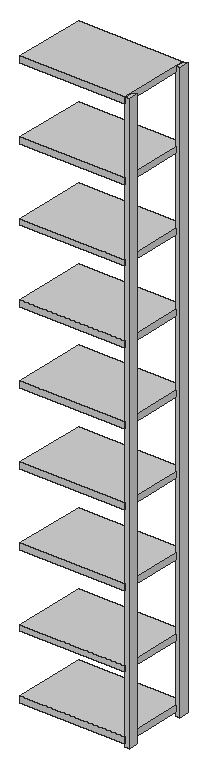
Revit family "SS2", category Specialty Equipment, Revit 2012
Parameters (values of type "Steel Storage Shelving Add-On (Default)")
  URL = "http://www.madixinc.com/store/storage/steel/index.html"
  Model = "Storage Shelving"
  Manufacturer = "© 2012 Madix, Inc. All rights reserved."
  Base Shelf [instance] = yes
  Shelf Depth = 2' - 0"
  Width = 3' - 0"
  Height = 16' - 0"
  2' Shelf [instance] = yes
  4' Shelf [instance] = yes
  6' Shelf [instance] = yes
  8' Shelf [instance] = yes
  10' Shelf [instance] = yes
  12' Shelf [instance] = yes
  14' Shelf [instance] = yes
  16' Shelf [instance] = yes
Reference planes (in)
  plane 1 "Center (Front/Back)": y = 0
  plane 2: z = 0
  plane 3 "Center (Left/Right)": x = 0
  plane 4: x = -17.25
  plane 5: x = 17.25
  plane 6: y = 12
  plane 7: y = -12
  plane 8: x = -20.25
  plane 9: x = 20.25
  plane 10: x = -18.75
  plane 11: x = 18.75
  plane 12: x = -18
  plane 13: x = 18
  plane 14: z = 192
Forms (in)
  Extrusion 1, solid, material "Metal - Steel"
    sketch origin (0, 0, 0) x (1, 0, 0) y (0, 1, 0)
      loop
        line (17.25, 8.875) -> (18.75, 8.875) -> (18.75, 11.875) -> (17.25, 11.875) -> (17.25, 8.875)
      loop
        line (17.25, -8.875) -> (17.25, -11.875) -> (18.75, -11.875) -> (18.75, -8.875) -> (17.25, -8.875)
    from 0 to 192
  Extrusion 2, solid, material "Metal - Steel", visible <- "12' Shelf"
    sketch origin (-18, -16.25, 177) x (0, -1, 0) y (0, 0, -1)
      loop
        line (-28.25, 9) -> (-4.25, 9) -> (-4.25, 11) -> (-28.25, 11) -> (-28.25, 9)
    from 0.75 to 35.25
  Extrusion 3, solid, material "Metal - Steel", visible <- "16' Shelf"
    sketch origin (-18, -16.25, 201) x (0, -1, 0) y (0, 0, -1)
      loop
        line (-28.25, 9) -> (-4.25, 9) -> (-4.25, 11) -> (-28.25, 11) -> (-28.25, 9)
    from 0.75 to 35.25
  Extrusion 4, solid, material "Metal - Steel", visible <- "10' Shelf"
    sketch origin (-18, -16.25, 153) x (0, -1, 0) y (0, 0, -1)
      loop
        line (-28.25, 9) -> (-4.25, 9) -> (-4.25, 11) -> (-28.25, 11) -> (-28.25, 9)
    from 0.75 to 35.25
  Extrusion 5, solid, material "Metal - Steel", visible <- "10' Shelf"
    sketch origin (-18, -16.25, 129) x (0, -1, 0) y (0, 0, -1)
      loop
        line (-28.25, 9) -> (-4.25, 9) -> (-4.25, 11) -> (-28.25, 11) -> (-28.25, 9)
    from 0.75 to 35.25
  Extrusion 6, solid, material "Metal - Steel", visible <- "8' Shelf"
    sketch origin (-18, -16.25, 105) x (0, -1, 0) y (0, 0, -1)
      loop
        line (-28.25, 9) -> (-4.25, 9) -> (-4.25, 11) -> (-28.25, 11) -> (-28.25, 9)
    from 0.75 to 35.25
  Extrusion 7, solid, material "Metal - Steel", visible <- "6' Shelf"
    sketch origin (-18, -16.25, 81) x (0, -1, 0) y (0, 0, -1)
      loop
        line (-28.25, 9) -> (-4.25, 9) -> (-4.25, 11) -> (-28.25, 11) -> (-28.25, 9)
    from 0.75 to 35.25
  Extrusion 8, solid, material "Metal - Steel", visible <- "4' Shelf"
    sketch origin (-18, -16.25, 57) x (0, -1, 0) y (0, 0, -1)
      loop
        line (-28.25, 9) -> (-4.25, 9) -> (-4.25, 11) -> (-28.25, 11) -> (-28.25, 9)
    from 0.75 to 35.25
  Extrusion 9, solid, material "Metal - Steel", visible <- "2' Shelf"
    sketch origin (-18, -16.25, 33) x (0, -1, 0) y (0, 0, -1)
      loop
        line (-28.25, 9) -> (-4.25, 9) -> (-4.25, 11) -> (-28.25, 11) -> (-28.25, 9)
    from 0.75 to 35.25
  Extrusion 10, solid, material "Metal - Steel", visible <- "Base Shelf"
    sketch origin (-18, -16.25, 12) x (0, -1, 0) y (0, 0, -1)
      loop
        line (-28.25, 9) -> (-4.25, 9) -> (-4.25, 11) -> (-28.25, 11) -> (-28.25, 9)
    from 0.75 to 35.25
Dimensions and locks (in)
  "Width": plane 12 to plane 13
  equal spacing: plane 7, plane 1 "Center (Front/Back)", plane 6
  "Shelf Depth": plane 7 to plane 6
  locked: plane 8 to plane 10 at 1.5
  locked: plane 11 to plane 9 at 1.5
  equal spacing: plane 10, plane 3 "Center (Left/Right)", plane 11
  locked: plane 5 to plane 11 at 1.5
  locked: plane 10 to plane 4 at 1.5
  locked: plane 10 to plane 12 at 0.75
  locked: plane 13 to plane 11 at 0.75
  "Height": plane 14 to level
  aligned and locked: level to plane 2
  aligned and locked: Extrusion 2 to plane 5
  aligned and locked: Extrusion 2 to plane 4
  aligned and locked: plane 5 to Extrusion 3
  aligned and locked: Extrusion 3 to plane 4
  aligned and locked: Extrusion 7 to plane 4
  aligned and locked: Extrusion 8 to plane 4
  aligned and locked: Extrusion 9 to plane 4
  aligned and locked: Extrusion 10 to plane 4
  aligned and locked: Extrusion 7 to plane 5
  aligned and locked: Extrusion 8 to plane 5
  aligned and locked: Extrusion 9 to plane 5
  aligned and locked: Extrusion 10 to plane 5
  aligned and locked: Extrusion 4 to plane 4
  aligned and locked: Extrusion 4 to plane 5
  aligned and locked: Extrusion 5 to plane 5
  aligned and locked: Extrusion 5 to plane 4
  aligned and locked: Extrusion 6 to plane 5
  aligned and locked: Extrusion 6 to plane 4
  aligned and locked: Extrusion 1 to plane 14
Automatic sketch dimensions
  Extrusion 1 sketch curve to plane 5 = 0' - 0"  (x2)
  Extrusion 1 sketch curve to plane 11 = 0' - 0"  (x2)
  Extrusion 1 sketch curve to plane 7 = 0' - 0 1/8"
  Extrusion 1 sketch curve to Extrusion 1 sketch curve = 0' - 3"
  plane 6 to Extrusion 1 sketch curve = 0' - 3 1/8"
  plane 6 to Extrusion 1 sketch curve = 0' - 0 1/8"
  Extrusion 2 sketch curve to plane 6 = 0' - 0"
  Extrusion 2 sketch curve to plane 7 = 0' - 0"
  Extrusion 2 sketch curve to Extrusion 2 sketch curve = 0' - 2"
  Extrusion 3 sketch curve to plane 6 = 0' - 0"
  Extrusion 3 sketch curve to plane 7 = 0' - 0"
  Extrusion 3 sketch curve to Extrusion 3 sketch curve = 0' - 2"
  Extrusion 4 sketch curve to plane 6 = 0' - 0"
  Extrusion 4 sketch curve to plane 7 = 0' - 0"
  Extrusion 4 sketch curve to Extrusion 4 sketch curve = 0' - 2"
  Extrusion 5 sketch curve to plane 6 = 0' - 0"
  Extrusion 5 sketch curve to plane 7 = 0' - 0"
  Extrusion 5 sketch curve to Extrusion 5 sketch curve = 0' - 2"
  Extrusion 6 sketch curve to plane 6 = 0' - 0"
  Extrusion 6 sketch curve to plane 7 = 0' - 0"
  level to Extrusion 6 sketch curve = 8' - 0"
  Extrusion 6 sketch curve to Extrusion 6 sketch curve = 0' - 2"
  Extrusion 7 sketch curve to plane 6 = 0' - 0"
  Extrusion 7 sketch curve to plane 7 = 0' - 0"
  level to Extrusion 7 sketch curve = 6' - 0"
  Extrusion 7 sketch curve to Extrusion 7 sketch curve = 0' - 2"
  Extrusion 8 sketch curve to plane 6 = 0' - 0"
  Extrusion 8 sketch curve to plane 7 = 0' - 0"
  level to Extrusion 8 sketch curve = 4' - 0"
  Extrusion 8 sketch curve to Extrusion 8 sketch curve = 0' - 2"
  Extrusion 9 sketch curve to plane 6 = 0' - 0"
  Extrusion 9 sketch curve to plane 7 = 0' - 0"
  level to Extrusion 9 sketch curve = 2' - 0"
  Extrusion 9 sketch curve to Extrusion 9 sketch curve = 0' - 2"
  Extrusion 10 sketch curve to plane 6 = 0' - 0"
  Extrusion 10 sketch curve to plane 7 = 0' - 0"
  level to Extrusion 10 sketch curve = 0' - 3"
  level to Extrusion 10 sketch curve = 0' - 1"
  level to Extrusion 2 sketch curve = 14' - 0"
  level to Extrusion 3 sketch curve = 16' - 0"
  level to Extrusion 4 sketch curve = 12' - 0"
  level to Extrusion 5 sketch curve = 10' - 0"
